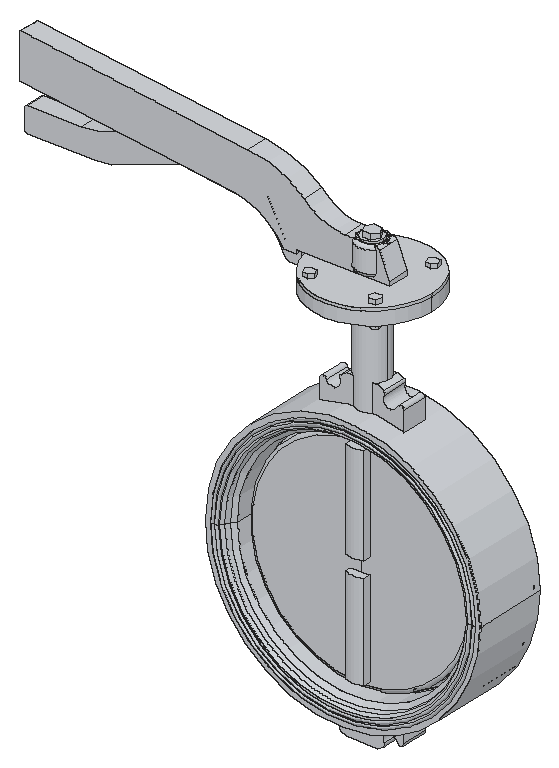
Revit family "R59WY012", category Plumbing Fixtures, Revit 2015
Reference planes
  plane 1 "Center (Front/Back)": y = 0
  plane 2: z = 0
  plane 3 "Center (Left/Right)": x = 0
  plane 4: z = 191
  plane 5: x = -260
  plane 6: z = 268
  plane 7: z = -120
  plane 8: z = -30
  plane 9: z = 221
  plane 10: z = -30
  plane 11: y = -27.988
  plane 12: y = 28.012
Forms (mm)
  Extrusion 1, solid
    sketch origin (0, 0, 181) x (1, 0, 0) y (0, 1, 0)
      loop
        circle (0, 0) r 45
    from 0 to 10
  Extrusion 2, solid
    sketch origin (0, 0, -76.95) x (1, 0, 0) y (0, 1, 0)
      loop
        circle (0, 0) r 12
    from 173.526 to 257.95
  Revolve 3, solid
    sketch origin (0, 0, 0) x (0, 1, 0) y (0, 0, 1)
      loop
        line (-1.078, -87.589) -> (1.078, -87.589) -> (1.078, -86.655)
        arc (1.078, -86.655) -> (1.953, -85.222) -> (3.478, -84.518) r 2.888
        line (3.478, -84.518) -> (6.599, -84.518)
        arc (6.599, -84.518) -> (9.772, -82.776) -> (11.11, -79.413) r 5.351
        line (11.11, -79.413) -> (11.11, 0) -> (-11.11, 0) -> (-11.11, -81.848)
        arc (-11.11, -81.848) -> (-10.328, -83.736) -> (-8.44, -84.518) r 2.67
        line (-8.44, -84.518) -> (-3.478, -84.518)
        arc (-3.478, -84.518) -> (-1.953, -85.222) -> (-1.078, -86.655) r 2.888
        line (-1.078, -86.655) -> (-1.078, -87.589)
      axis (11.11, 0) -> (-11.11, 0)
    angle from 0 to 360
  Blend 4, solid
    base sketch origin (0, 0, -4.163) x (1, 0, 0) y (0, 1, 0)
      loop
        line (-6.883, 16.4) -> (-6.883, -16.4)
        arc (-6.883, -16.4) -> (0, -18.078) -> (6.883, -16.4) r 14.953
        line (6.883, -16.4) -> (6.883, 16.4)
        arc (6.883, 16.4) -> (0, 18.078) -> (-6.883, 16.4) r 14.953
    top sketch origin (0, 0, 0) x (1, 0, 0) y (0, 1, 0)
      loop
        line (-6.883, 16.4) -> (-6.883, -16.4)
        arc (-6.883, -16.4) -> (0, -18.078) -> (6.883, -16.4) r 14.953
        line (6.883, -16.4) -> (6.883, 16.4)
        arc (6.883, 16.4) -> (0, 18.078) -> (-6.883, 16.4) r 14.953
    from 10.163 to 80.378
  Blend 5, solid
    base sketch origin (0, 0, -38.601) x (0, -1, 0) y (1, 0, 0)
      loop
        line (-16.4, -6.883) -> (16.4, -6.883)
        arc (16.4, -6.883) -> (18.078, 0) -> (16.4, 6.883) r 14.953
        line (16.4, 6.883) -> (-16.4, 6.883)
        arc (-16.4, 6.883) -> (-18.078, 0) -> (-16.4, -6.883) r 14.953
    top sketch origin (0, 0, -35.117) x (0, -1, 0) y (1, 0, 0)
      loop
        line (-16.4, -6.883) -> (16.4, -6.883)
        arc (16.4, -6.883) -> (18.078, 0) -> (16.4, 6.883) r 14.953
        line (16.4, 6.883) -> (-16.4, 6.883)
        arc (-16.4, 6.883) -> (-18.078, 0) -> (-16.4, -6.883) r 14.953
    from -40.115 to 29.117
  Extrusion 6, solid
    sketch origin (99.126, -27.447, 193) x (0, -1, 0) y (1, 0, 0)
      loop
        line (3.99, -123.113) -> (0.805, -120.344) -> (-3.184, -121.718) -> (-3.99, -125.86) -> (-0.805, -128.628) -> (3.184, -127.254) -> (3.99, -123.113)
    from 0 to 3
  Extrusion 7, solid
    sketch origin (99.126, -27.447, 173) x (0, -1, 0) y (1, 0, 0)
      loop
        circle (0, -124.486) r 3
    from 2.505 to 20
  Extrusion 8, solid
    sketch origin (99.126, -27.447, 180) x (0, -1, 0) y (1, 0, 0)
      loop
        line (3.99, -123.113) -> (0.805, -120.344) -> (-3.184, -121.718) -> (-3.99, -125.86) -> (-0.805, -128.628) -> (3.184, -127.254) -> (3.99, -123.113)
      loop
        line (-3.444, -125.672) -> (-0.695, -128.061) -> (2.749, -126.876) -> (3.444, -123.301) -> (0.695, -120.911) -> (-2.749, -122.097) -> (-3.444, -125.672)
    from -1.968 to 1
  Extrusion 9, solid, not visible
    sketch origin (26.117, -96.518, 104.233) x (0, -1, 0) y (1, 0, 0)
      loop
        line (3.99, -123.113) -> (0.805, -120.344) -> (-3.184, -121.718) -> (-3.99, -125.86) -> (-0.805, -128.628) -> (3.184, -127.254) -> (3.99, -123.113)
    from 0 to 3
  Extrusion 10, solid, not visible
    sketch origin (26.117, -96.518, 84.233) x (0, -1, 0) y (1, 0, 0)
      loop
        circle (0, -124.486) r 3
    from 2.505 to 20
  Extrusion 11, solid, not visible
    sketch origin (26.117, -96.518, 91.233) x (0, -1, 0) y (1, 0, 0)
      loop
        line (3.99, -123.113) -> (0.805, -120.344) -> (-3.184, -121.718) -> (-3.99, -125.86) -> (-0.805, -128.628) -> (3.184, -127.254) -> (3.99, -123.113)
      loop
        line (-3.444, -125.672) -> (-0.695, -128.061) -> (2.749, -126.876) -> (3.444, -123.301) -> (0.695, -120.911) -> (-2.749, -122.097) -> (-3.444, -125.672)
    from -1.968 to 1
  Extrusion 12, solid
    sketch origin (0, 0, 191) x (1, 0, 0) y (0, 1, 0)
      loop
        circle (0, 0) r 45
    from 0 to 2
  Extrusion 13, solid
    sketch origin (99.126, -27.447, 193) x (0, -1, 0) y (1, 0, 0)
      loop
        line (-58.884, -123.113) -> (-58.079, -127.254) -> (-54.09, -128.628) -> (-50.905, -125.86) -> (-51.71, -121.718) -> (-55.7, -120.344) -> (-58.884, -123.113)
    from 0 to 3
  Extrusion 14, solid
    sketch origin (99.126, -27.447, 173) x (0, -1, 0) y (1, 0, 0)
      loop
        circle (-54.895, -124.486) r 3
    from 2.505 to 20
  Extrusion 15, solid
    sketch origin (99.126, -27.447, 180) x (0, -1, 0) y (1, 0, 0)
      loop
        line (-58.884, -123.113) -> (-58.079, -127.254) -> (-54.09, -128.628) -> (-50.905, -125.86) -> (-51.71, -121.718) -> (-55.7, -120.344) -> (-58.884, -123.113)
      loop
        line (-51.451, -125.672) -> (-52.146, -122.097) -> (-55.59, -120.911) -> (-58.339, -123.301) -> (-57.644, -126.876) -> (-54.2, -128.061) -> (-51.451, -125.672)
    from -1.968 to 1
  Extrusion 16, solid
    sketch origin (-100.376, 27.447, 193) x (0, 1, 0) y (-1, 0, 0)
      loop
        line (-58.884, -123.113) -> (-58.079, -127.254) -> (-54.09, -128.628) -> (-50.905, -125.86) -> (-51.71, -121.718) -> (-55.7, -120.344) -> (-58.884, -123.113)
    from 0 to 3
  Extrusion 17, solid
    sketch origin (-100.376, 27.447, 173) x (0, 1, 0) y (-1, 0, 0)
      loop
        circle (-54.895, -124.486) r 3
    from 2.505 to 20
  Extrusion 18, solid
    sketch origin (-100.376, 27.447, 180) x (0, 1, 0) y (-1, 0, 0)
      loop
        line (-58.884, -123.113) -> (-58.079, -127.254) -> (-54.09, -128.628) -> (-50.905, -125.86) -> (-51.71, -121.718) -> (-55.7, -120.344) -> (-58.884, -123.113)
      loop
        line (-51.451, -125.672) -> (-52.146, -122.097) -> (-55.59, -120.911) -> (-58.339, -123.301) -> (-57.644, -126.876) -> (-54.2, -128.061) -> (-51.451, -125.672)
    from -1.968 to 1
  Extrusion 19, solid
    sketch origin (-100.376, 27.447, 193) x (0, 1, 0) y (-1, 0, 0)
      loop
        line (3.99, -123.113) -> (0.805, -120.344) -> (-3.184, -121.718) -> (-3.99, -125.86) -> (-0.805, -128.628) -> (3.184, -127.254) -> (3.99, -123.113)
    from 0 to 3
  Extrusion 20, solid
    sketch origin (-100.376, 27.447, 173) x (0, 1, 0) y (-1, 0, 0)
      loop
        circle (0, -124.486) r 3
    from 2.505 to 20
  Extrusion 21, solid
    sketch origin (-100.376, 27.447, 180) x (0, 1, 0) y (-1, 0, 0)
      loop
        line (3.99, -123.113) -> (0.805, -120.344) -> (-3.184, -121.718) -> (-3.99, -125.86) -> (-0.805, -128.628) -> (3.184, -127.254) -> (3.99, -123.113)
      loop
        line (-3.444, -125.672) -> (-0.695, -128.061) -> (2.749, -126.876) -> (3.444, -123.301) -> (0.695, -120.911) -> (-2.749, -122.097) -> (-3.444, -125.672)
    from -1.968 to 1
  Extrusion 22, solid
    sketch origin (125.063, -27.447, 218.144) x (0, -1, 0) y (1, 0, 0)
      loop
        line (-32.638, -122.069) -> (-32.638, -128.062) -> (-27.447, -131.059) -> (-22.257, -128.062) -> (-22.257, -122.069) -> (-27.447, -119.072) -> (-32.638, -122.069)
    from -1.014 to 2.856
  Extrusion 23, solid
    sketch origin (124.477, -54.895, 213.2) x (0, -1, 0) y (1, 0, 0)
      loop
        circle (-54.895, -124.486) r 8
    from -22.2 to 3.931
  Sweep 24, solid
    path origin (0, 0, 0) x (1, 0, 0) y (0, 0, 1)
      loop
        circle (0, 0) r 104
    profile origin (0, 0, -104) x (0, 0, 1) y (0, -1, 0)
      loop
        line (16.683, -18.432) -> (16.683, 18.432) -> (13.454, 21.661) -> (12.517, 25.158) -> (10.888, 27.5) -> (9.28, 27.5)
        arc (9.28, 27.5) -> (8.267, 28.514) -> (7.253, 27.5) r 1.014
        line (7.253, 27.5) -> (5.98, 27.5)
        arc (5.98, 27.5) -> (4.966, 28.514) -> (3.952, 27.5) r 1.014
        line (3.952, 27.5) -> (0.625, 27.5) -> (0.625, -27.5) -> (3.952, -27.5)
        arc (3.952, -27.5) -> (4.966, -28.514) -> (5.98, -27.5) r 1.014
        line (5.98, -27.5) -> (7.253, -27.5)
        arc (7.253, -27.5) -> (8.267, -28.514) -> (9.28, -27.5) r 1.014
        line (9.28, -27.5) -> (10.888, -27.5) -> (12.517, -25.158) -> (13.454, -21.661) -> (16.683, -18.432)
  Revolve 25, solid
    sketch origin (0, 0, 51) x (1, 0, 0) y (0, 0, 1)
      loop
        line (-9.486, 143.746) -> (0, 143.746) -> (0, 165) -> (-9.486, 165)
        arc (-9.486, 165) -> (-11.259, 164.265) -> (-11.994, 162.492) r 2.508
        line (-11.994, 162.492) -> (-11.994, 146.254)
        arc (-11.994, 146.254) -> (-11.259, 144.481) -> (-9.486, 143.746) r 2.508
      axis (0, 143.746) -> (0, 165)
    angle from 0 to 360
  Sweep 26, solid
    path origin (-0.002, 0, 0) x (1, 0, 0) y (0, 0, 1)
      loop
        circle (0, 0) r 104
    profile origin (-0.002, 0, -104) x (0, 0, 1) y (0, -1, 0)
      loop
        line (0, 27.988) -> (0, -28.012) -> (3.934, -28.012) -> (3.934, 27.988) -> (0, 27.988)
  Extrusion 27, solid
    sketch origin (-0.015, 45.948, -89.575) x (1, 0, 0) y (0, 0, 1)
      loop
        arc (-14.408, 305.574) -> (-31.009, 309.172) -> (-44.632, 319.319) r 40.102
        arc (-44.632, 319.319) -> (-64.682, 331.561) -> (-87.387, 337.59) r 81.686
        line (-87.387, 337.59) -> (-259.322, 357.495)
        arc (-259.322, 357.495) -> (-259.796, 357.345) -> (-260, 356.891) r 0.608
        line (-260, 356.891) -> (-260, 323.702) -> (-98.154, 304.965)
        arc (-98.154, 304.965) -> (-76.145, 296.857) -> (-60.289, 279.573) r 49.8
        line (-60.289, 279.573) -> (-50.289, 279.573) -> (-50.289, 282.573) -> (19.968, 282.573) -> (19.968, 285.573) -> (12.027, 303.82)
        arc (12.027, 303.82) -> (10.952, 305.097) -> (9.353, 305.574) r 2.915
        line (9.353, 305.574) -> (-14.408, 305.574)
    from 37.966 to 54.11
  Extrusion 28, solid
    sketch origin (-37.798, 45.948, -164.089) x (1, 0, 0) y (0, 0, 1)
      loop
        arc (-22.093, 349.062) -> (-20.549, 347.09) -> (-18.159, 346.344) r 4.207
        line (-18.159, 346.344) -> (-9.636, 346.344) -> (-9.636, 357.087) -> (-17.519, 357.087)
        arc (-17.519, 357.087) -> (-19.393, 357.527) -> (-20.874, 358.756) r 4.207
        line (-20.874, 358.756) -> (-36.673, 388.468)
        arc (-36.673, 388.468) -> (-42.926, 395.877) -> (-51.675, 400.052) r 23.006
        line (-51.675, 400.052) -> (-121.464, 408.132)
        arc (-121.464, 408.132) -> (-146.554, 389.335) -> (-177.106, 382.301) r 75.785
        line (-177.106, 382.301) -> (-217.214, 382.301)
        arc (-217.214, 382.301) -> (-218.486, 381.806) -> (-219.141, 380.609) r 1.995
        line (-219.141, 380.609) -> (-219.141, 365.458)
        arc (-219.141, 365.458) -> (-218.486, 364.261) -> (-217.214, 363.766) r 1.995
        line (-217.214, 363.766) -> (-165.969, 363.766)
        arc (-165.969, 363.766) -> (-159.476, 364.161) -> (-153.041, 365.112) r 75.785
        line (-153.041, 365.112) -> (-102.034, 383.677) -> (-60.442, 378.862)
        arc (-60.442, 378.862) -> (-37.124, 369.314) -> (-22.17, 349.033) r 46.662
    from 38.356 to 53.486
  Extrusion 29, solid
    sketch origin (-2.813, 0.293, -48.175) x (1, 0, 0) y (0, 0, 1)
      loop
        arc (18.871, -71.788) -> (19.767, -70.506) -> (19.652, -68.955) r 2.274
        arc (19.652, -68.955) -> (22.463, -61.587) -> (29.701, -64.717) r 5.458
        arc (29.701, -64.717) -> (32.458, -66.474) -> (34.596, -64.001) r 2.5
        line (34.596, -64.001) -> (34.596, -47.891)
        arc (34.596, -47.891) -> (2.811, -54.686) -> (-28.974, -47.891) r 77.732
        line (-28.974, -47.891) -> (-28.974, -64.001)
        arc (-28.974, -64.001) -> (-26.836, -66.474) -> (-24.079, -64.717) r 2.5
        arc (-24.079, -64.717) -> (-16.841, -61.587) -> (-14.03, -68.955) r 5.458
        arc (-14.03, -68.955) -> (-14.145, -70.506) -> (-13.249, -71.787) r 2.274
        arc (-13.249, -71.787) -> (-11.147, -73.088) -> (-8.94, -74.203) r 28.535
        line (-8.94, -74.203) -> (14.565, -74.203)
        arc (14.565, -74.203) -> (16.77, -73.089) -> (18.871, -71.788) r 28.535
    from -9.388 to 9.974
  Extrusion 30, solid
    sketch origin (-4.984, 0.293, 49.502) x (1, 0, 0) y (0, 0, 1)
      loop
        arc (21.043, 71.788) -> (18.942, 73.089) -> (16.737, 74.203) r 28.535
        line (16.737, 74.203) -> (-6.768, 74.203)
        arc (-6.768, 74.203) -> (-8.975, 73.088) -> (-11.077, 71.787) r 28.535
        arc (-11.077, 71.787) -> (-11.973, 70.506) -> (-11.858, 68.955) r 2.274
        arc (-11.858, 68.955) -> (-14.669, 61.587) -> (-21.907, 64.717) r 5.458
        arc (-21.907, 64.717) -> (-24.664, 66.474) -> (-26.802, 64.001) r 2.5
        line (-26.802, 64.001) -> (-26.802, 47.891)
        arc (-26.802, 47.891) -> (4.983, 52.785) -> (36.768, 47.891) r 105.651
        line (36.768, 47.891) -> (36.768, 64.001)
        arc (36.768, 64.001) -> (34.63, 66.474) -> (31.873, 64.717) r 2.5
        arc (31.873, 64.717) -> (24.635, 61.587) -> (21.824, 68.955) r 5.458
        arc (21.824, 68.955) -> (21.939, 70.506) -> (21.043, 71.788) r 2.274
    from -9.388 to 9.974
Dimensions and locks
  plane 2 to plane 4 = 191 mm
  plane 3 "Center (Left/Right)" to plane 5 = 260 mm
  level to plane 6 = 268 mm
  plane 7 to level = 120 mm
  locked: plane 4 to plane 9 at 30
  plane 12 to plane 11 = 56 mm
  aligned and locked: level to plane 2
